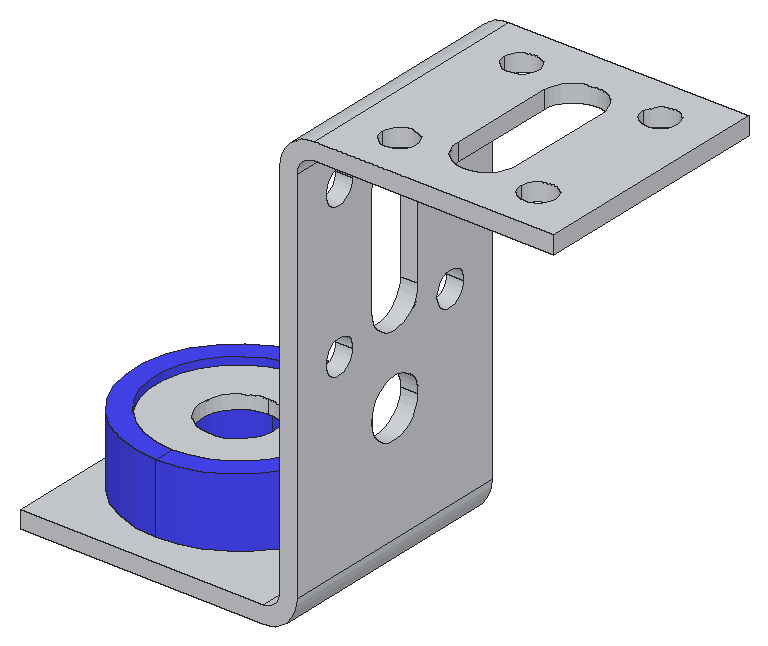
Revit family "Kanalhalter SD-ZSN", category Allgemeines Modell, Revit 2018
Family settings
  Kann Basisbauteil für Bewehrung sein = Nein
  Bemaßung runder Anschluss = Durchmesser verwenden
  Teiletyp = Normal
  Arbeitsebenenbasiert = Ja
  Immer vertikal = Nein
  Beim Laden mit Abzugskörper schneiden = Nein
  Gemeinsam genutzt = Ja
  Raumberechnungspunkt = Nein
Parameters (values of type "Kanalhalter SD-ZSN")
  vpe = "50"
  max. zul. Last stehend = 0.00 kN
  max. zul. Last hängend = 0.30 kN
  max. Temperaturbeständigkeit = "100 °C"
  Default Elevation = 1219.2 mm
  Stärke Material = 4 mm
  Schalldämmeinlage = "Gummi SBR"
  Regelhalter [instance] = ""
  Mengeneinheit = "St"
  Länge = 77 mm
  Kurztext2 = "Höhe 65 mm Gummi genietet"
  Kurztext1 = "Kanalhalter ZSN"
  Höhe = "65 mm"
  Gewicht pro Bauteil = Gewicht  # 0.15 kg
  Gewicht = 0.15 kg
  Firma = "MEFA Befestigungs- und Montagesysteme GmbH"
  Fabrikat = "MEFA"
  EAN = "4250928446961"
  Dämmelementtyp = "genietet"
  Breite Material = "35 mm"
  Bauart = "Z"
  Ausführung = "leicht"
  Artikelnummer = "9998370"
  Anschluss = "M8/M10"
Reference planes
  plane 1 "Mitte (Vorne/hinten)": y = 0
  plane 2: z = 0
  plane 3 "Mitte (Links/rechts)": x = 0
Dimensions and locks
  aligned and locked: level to plane 2
  aligned and locked: nested 2 to nested 3
Nested families
  nested 1: "Kanalhalterwinkel ZL" at (0, 0, 65) x (1, 0, 0) z (0, 0, -1), type "MEFA Kanalhalterwinkel ZL"
  nested 2: "Unterlegscheibe 10,5x25x2,0" at (-20, 0, 13) x (0, 1, 0) z (0, 0, -1), type "Unterlegscheibe 10,5x25x2,0"
  nested 3: "Gummipuffer für SD" at (-20, 0, 14) x (0, -1, 0) z (1, 0, 0), type "Gummipuffer für SD"
Definition of nested family "Kanalhalterwinkel ZL"
  Parameters (values of type "MEFA Kanalhalterwinkel ZL")
    Default Elevation = 1219.2 mm
    Regelhalter [instance] = ""
  Reference planes
    plane 1 "Mitte (Vorne/hinten)": y = 0
    plane 2: z = 0
    plane 3 "Mitte (Links/rechts)": x = 0
  Forms (mm)
    Extrusion 1, solid
      sketch origin (0, 0, 0) x (1, 0, 0) y (0, 0, 1)
        loop
          arc (0, 5) -> (1.464, 1.464) -> (5, 0) r 5
          line (5, 0) -> (39.5, 0) -> (39.5, 2.5) -> (5, 2.5)
          arc (5, 2.5) -> (3.232, 3.232) -> (2.5, 5) r 2.5
          line (2.5, 5) -> (2.5, 60)
          arc (2.5, 60) -> (1.036, 63.536) -> (-2.5, 65) r 5
          line (-2.5, 65) -> (-37.5, 65) -> (-37.5, 62.5) -> (-2.5, 62.5)
          arc (-2.5, 62.5) -> (-0.732, 61.768) -> (0, 60) r 2.5
          line (0, 60) -> (0, 5)
      from -17.5 to 17.5
    Extrusion 2, void
      sketch origin (0, 0, 0) x (0, 1, 0) y (0, 0, 1)
        loop
          circle (-10, 10) r 2.5
        loop
          circle (-10, 32) r 2.5
        loop
          circle (10, 10) r 2.5
        loop
          circle (10, 32) r 2.5
        loop
          circle (0, 43) r 4.25
        loop
          arc (-4.25, 13.25) -> (0, 9) -> (4.25, 13.25) r 4.25
          line (4.25, 13.25) -> (4.25, 28.75)
          arc (4.25, 28.75) -> (0, 33) -> (-4.25, 28.75) r 4.25
          line (-4.25, 28.75) -> (-4.25, 13.25)
      from 0 to 10
    Extrusion 3, void
      sketch origin (0, 0, 0) x (1, 0, 0) y (0, 1, 0)
        loop
          circle (-20.5, 0) r 9
        loop
          circle (32, 11) r 2.5
        loop
          arc (26.25, 7.75) -> (22, 12) -> (17.75, 7.75) r 4.25
          line (17.75, 7.75) -> (17.75, -7.75)
          arc (17.75, -7.75) -> (22, -12) -> (26.25, -7.75) r 4.25
          line (26.25, -7.75) -> (26.25, 7.75)
        loop
          circle (12, 11) r 2.5
        loop
          circle (32, -11) r 2.5
        loop
          circle (12, -11) r 2.5
      from 0 to 100
  Cuts and joins
    Extrusion 2, Extrusion 3 cuts Extrusion 1
  Dimensions and locks
    aligned and locked: level to plane 2
Definition of nested family "Unterlegscheibe 10,5x25x2,0"
  Parameters (values of type "Unterlegscheibe 10,5x25x2,0")
    vpe = "100"
    max. zul. Last stehend = 0.00 kN
    max. zul. Last hängend = 0.00 kN
    max. Temperaturbeständigkeit = ""
    Default Elevation = 1219.2 mm
    Stärke Material = 0 mm
    Schalldämmeinlage = ""
    Regelhalter [instance] = ""
    Mengeneinheit = "St"
    Länge = 2 mm
    Kurztext2 = "10.5 x 20 x 2 mm gvz"
    Kurztext1 = "Unterlegscheibe DIN EN ISO 7089"
    Höhe = ""
    Gewicht = 0.0036 kg
    Fabrikat = "MEFA"
    EAN = "4250928439048"
    Dämmelementtyp = ""
    D0 = 10.5 mm
    D = 25 mm
    Breite Material = ""
    Bauart = ""
    Artikelnummer = "4320263"
    Anschluss = ""
  Reference planes
    plane 1 "Mitte (Vorne/hinten)": y = 0
    plane 2: z = 0
    plane 3 "Mitte (Links/rechts)": x = 0
    plane 4: z = 2
  Forms (mm)
    Extrusion 1, solid
      sketch origin (0, 0, 0) x (1, 0, 0) y (0, 1, 0)
        loop
          circle (0, 0) r 12.5
      from 0 to 2
    Extrusion 2, void
      sketch origin (0, 0, 0) x (1, 0, 0) y (0, 1, 0)
        loop
          circle (0, 0) r 5.25
      from 0 to 2
  Cuts and joins
    Extrusion 2 cuts Extrusion 1
  Lines and regions (mm)
    model lines, not visible
      curve 1: line (9.299, 0, 2) -> (-10.701, 0, 2)
      curve 2: line (0, 15.717, 2) -> (0, -4.283, 2)
      curve 3: line (0, 10.717, 0) -> (0, -9.283, 0)
      curve 4: line (6.799, 0, 0) -> (-13.201, 0, 0)
      curve 5: line (0, 0, 69.337) -> (0, 0, -112.663)
  Dimensions and locks
    "Länge": level to plane 4
    "D": diameter of Extrusion 1 sketch curve
    "D0": diameter of Extrusion 2 sketch curve
    aligned and locked: level to plane 2
    aligned and locked: Extrusion 1 to level
    aligned and locked: Extrusion 1 to curve 1
    aligned and locked: plane 4 to Extrusion 1
    aligned and locked: curve 2 to plane 4
    aligned and locked: curve 3 to level
    aligned and locked: curve 4 to level
    aligned and locked: plane 3 "Mitte (Links/rechts)" to curve 5
    aligned and locked: curve 5 to plane 1 "Mitte (Vorne/hinten)"
    aligned and locked: Extrusion 1 to Extrusion 2
    aligned and locked: Extrusion 2 to level
  Automatic sketch dimensions
    plane 1 "Mitte (Vorne/hinten)" to curve 2 = 4.283 mm
    plane 1 "Mitte (Vorne/hinten)" to curve 3 = 9.283 mm
    curve 3 to plane 1 "Mitte (Vorne/hinten)" = 10.717 mm
    curve 2 to plane 1 "Mitte (Vorne/hinten)" = 15.717 mm
    curve 4 to plane 3 "Mitte (Links/rechts)" = 13.201 mm
    curve 1 to plane 3 "Mitte (Links/rechts)" = 10.701 mm
    plane 3 "Mitte (Links/rechts)" to curve 4 = 6.799 mm
    plane 3 "Mitte (Links/rechts)" to curve 1 = 9.299 mm
    curve 5 to level = 112.663 mm
    plane 4 to curve 5 = 67.337 mm
    plane 1 "Mitte (Vorne/hinten)" to Extrusion 1 sketch curve = 0 mm
    Extrusion 1 sketch curve to plane 3 "Mitte (Links/rechts)" = 0 mm
    plane 1 "Mitte (Vorne/hinten)" to Extrusion 2 sketch curve = 0 mm
    Extrusion 2 sketch curve to plane 3 "Mitte (Links/rechts)" = 0 mm
Definition of nested family "Gummipuffer für SD"
  Parameters (values of type "Gummipuffer für SD")
    Default Elevation = 1219.2 mm
    Regelhalter [instance] = ""
  Reference planes
    plane 1 "Mitte (Vorne/hinten)": y = 0
    plane 2: z = 0
    plane 3 "Mitte (Links/rechts)": x = 0
  Forms (mm)
    Revolve 1, solid
      sketch origin (0, 0, 0) x (1, 0, 0) y (0, 1, 0)
        loop
          line (-12, 0) -> (-12, 3) -> (-6, 3) -> (-6, 19) -> (-9.25, 19) -> (-10.75, 17.5) -> (-10.75, 14) -> (-8.5, 14) -> (-8.5, 10) -> (-15, 10) -> (-15, 0) -> (-12, 0)
        axis (0, 0) -> (0, 19)
      angle from 0 to 360
  Dimensions and locks
    aligned and locked: level to plane 2
